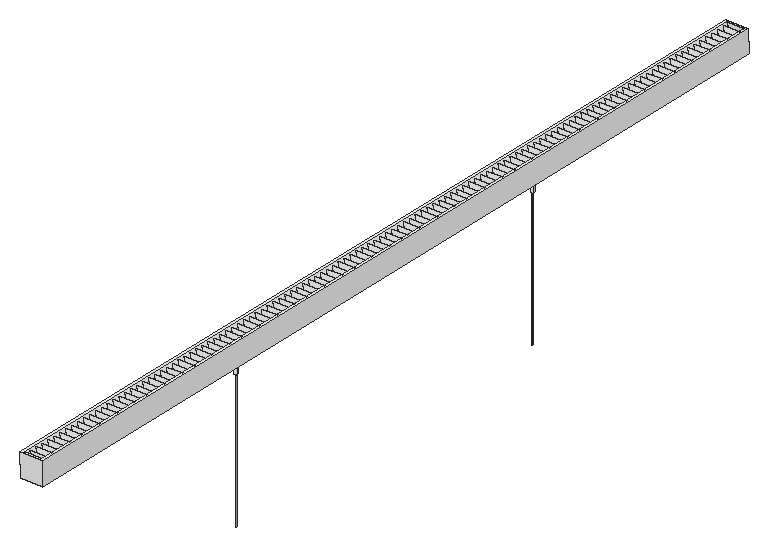
Revit family "Lighting_Pendants_Fagerhult_Notor-65-Beta-Opti_Face", category Lighting Fixtures, host Face, Revit 2024
Family settings
  Host = Face
  Round Connector Dimension = Use Diameter
  Part Type = Normal
  OmniClass Number = 23.80.70.11
  OmniClass Title = Luminaries for Internal Lighting
  Cut with Voids When Loaded = No
  Light Source = Yes
  Maintain Annotation Orientation = No
  Shared = No
  Room Calculation Point = No
Parameters (values of type "NOTOR65 BETAOPTI SURF PEND 2400 DI HL 840 WHT CONT_13363-402")
  Youtube clip = "https://vimeo.com/200646173"
  Width = 65.000 mm
  Weight Net (Kg) = "0"
  Weight (Kg) = 6
  Wattage = 9.2903 W
  built-in parameter 1150110 = 1 (stored number, unit not read)
  Voltage = 230 V
  Uniformat II Description = "Lighting & Branch Wiring"
  Uniformat II Code = "D5020"
  Uniclass 2015 Name = "Light-emitting diode (LED) lamps"
  Uniclass 2015 Code = "Pr_70_70_46_44"
  Uniclass 2.0 Description = "Luminaires And Lamps"
  Uniclass 2.0 Code = "PR-49"
  Uniclass 1.4 Description = "Luminaires and lamps"
  Uniclass 1.4 Code = "JY73"
  URL = "www.fagerhult.com"
  UNSPSC Code = "3911"
  built-in parameter 1114217 = 1 (stored number, unit not read)
  Tilt Angle = -90.00°
  built-in parameter 1150109 = 1 (stored number, unit not read)
  built-in parameter 1150134 = 4000
  Technical description = "https://www.fagerhult.com/Products/notor/notor-65-beta-opti/"
  Sus Position [instance] = 100.000 mm
  Region South America = "AR"
  Region Oceania = "AS, AU, NZ"
  Region North America = "BB, GL, GT, US"
  Region Middle East = "AE, AF, BH, EG, IL, KW, LB, OM, QA, SA, TR"
  Region Europe = "AT, AX, BA, BE, BG, CH, CZ, DE, DK, EE, ES, FI, FO, FR, GB, GR, HR, HU, IE, IS, IT, LT, LU, LV, MT, NL, NO, PL, PT, RO, RU, SE, SI, SK, UA"
  Region Asia = "AM, CN, IN, JP, KR, LA, MO, MY, SG, TW"
  Region Antarctica = "None"
  Region Africa = "BF, ER, ET, NG, ZA"
  QR code = "http://bimobject.com/fagerhult/product/Notor-65-Beta-Opti"
  Product url = "https://www.fagerhult.com/Products/notor/notor-65-beta-opti/"
  Product group = "Pendant"
  Product family = "Indoor"
  Product data url = "https://bimobject.com/fagerhult/product/Notor-65-Beta-Opti"
  Product certification = ""
  Product SKU = "Notor-65-Beta-Opti"
  Product Guid = "13e7c37b-4238-40f4-9f30-5d6fe9a7ee4a"
  Photometric File Note = "The .IES files provided are sample files based on a few standard configurations.  Not all photometric configurations are available.   The actual data and values will vary depending on lens, color temperature and other options.  Please visit www.fagerhult.com for more defined photometric data."  # constant formula
  Pend. Height [instance] = if(Pendant Height < 65.000 mm, 65.000 mm, Pendant Height)  # 500.000 mm
  built-in parameter 1150113 = 1 (stored number, unit not read)
  Photometric Web File = "GENERIC - Please download and link the .IES file that best matches your fixture specification"
  Pendant Height [instance] = 500.000 mm
  OmniClass Description = "Lighting Fixtures"
  OmniClass Code = "23-35 47 11"
  Nr of Lamells = 59
  built-in parameter 1150142 = (empty or 0)
  Nominal width = 0.000 mm
  Nominal height = 0.000 mm
  NBS Reference Description = "Luminaires And Lamps"
  NBS Reference Code = "49"
  Model = "Notor 65 Beta Opti"
  Material secondary = "Acrylic"
  Material main = "Aluminium"
  Masterformat 2014 Description = "Interior Lighting Fixtures, Lamps, And Ballasts"
  Masterformat 2014 Code = "26 51 13"
  Manufacturer name = "Fagerhult"
  Manufacturer country = "Sweden"
  Manufacturer = "Fagerhult"
  built-in parameter 1150105 = 109.82 (stored number, unit not read)
  Lumens = 12096 lm
  built-in parameter 1150115 = 1 (stored number, unit not read)
  Louvre = Aluminium - Fagerhult - BetaOpti - Satin matt
  Load Classification = Lighting
  built-in parameter 1150137 = (empty or 0)
  built-in parameter 1150139 = (empty or 0)
  Length = 2522.000 mm
  built-in parameter 1150112 = 1 (stored number, unit not read)
  built-in parameter 1150114 = 1 (stored number, unit not read)
  Lamp = ""
  Lamells = if(Length > 2000.000 mm, 118, Nr of Lamells)  # 118
  Installation instructions = "https://www.fagerhult.com/globalassets/inriverresources/instructionforuse/notor65_instruction_for_use.pdf"
  built-in parameter 1150132 = (empty or 0)
  built-in parameter 1150102 = (empty or 0)
  built-in parameter 1150107 = 4000 (stored number, unit not read)
  built-in parameter 1150138 = (empty or 0)
  built-in parameter 1150106 = 1.0982 (stored number, unit not read)
  IP Code = "20"
  IFC Classification = "Light Fixture"
  Height = 65.000 mm
  Emit from Line Length = 609.600 mm
  built-in parameter 1150104 = 12.263 (stored number, unit not read)
  Edition number = 1
  EAN_Code = "7320046635763"
  EAN code = ""
  Dimming Lamp Color Temperature Shift = <None>
  Design country = "Sweden"
  Description = "Suspended or ceiling-mounted workplace luminaire with direct or direct/indirect light. Beta Opti louvres provide high efficiency and optimal lighting comfort. Single or continuous installation."
  Default Elevation = 1219.200 mm
  Date of publishing = ""
  Color Rendering Index = "min. 80"
  Color Filter = 16777215
  Color = "White"
  COBIe Type Category = ""
  Brand url = "http://www.fagerhult.com"
  Body = Aluminium - Fagerhult - White
  built-in parameter 1114218 = 1 (stored number, unit not read)
  BIMobject main category code = "lighting"
  BIMobject main category = "Lighting"
  BIMobject category code = "lighting-pendants"
  BIMobject category = "Pendants"
  built-in parameter 1150133 = 10 (stored number, unit not read)
  Assembly Code = "D5020230"
  Article Number = "13363-402"
  Apparent Load = 91 VA
Types (96, lengths in mm): name | Weight (Kg) | built-in parameter 1150134 | Lumens | Length | Lamells | built-in parameter 1150107 | built-in parameter 1150104 | EAN_Code | Color | Body | Article Number | Apparent Load
  NOTOR65 BETAOPTI SURF PEND 2400 DI HL 840 WHT CONT_13363-402 | 6 | 4000 | 12096 lm | 2522.000 | 118 | 4000 (stored number, unit not read) | 12.263 (stored number, unit not read) | "7320046635763" | "White" | Aluminium - Fagerhult - White | "13363-402" | 91 VA
  NOTOR65 BETAOPTI SURF PEND 2400 DI LL 840 WHT CONT_13362-402 | 6 | 4000 | 9600 lm | 2522.000 | 118 | 4000 (stored number, unit not read) | 12.077 (stored number, unit not read) | "7320046635725" | "White" | Aluminium - Fagerhult - White | "13362-402" | 74 VA
  NOTOR65 BETAOPTI SURF PEND 2400 DI HL 830 WHT CONT_13361-402 | 6 | 3000 | 11492 lm | 2522.000 | 118 | 3000 (stored number, unit not read) | 11.706 (stored number, unit not read) | "7320046635688" | "White" | Aluminium - Fagerhult - White | "13361-402" | 91 VA
  NOTOR65 BETAOPTI SURF PEND 2400 DI LL 830 WHT CONT_13360-402 | 6 | 3000 | 9120 lm | 2522.000 | 118 | 3000 (stored number, unit not read) | 11.706 (stored number, unit not read) | "7320046635640" | "White" | Aluminium - Fagerhult - White | "13360-402" | 74 VA
  NOTOR65 BETAOPTI SURF PEND 2400 DI HL 840 ALU CONT_13359-402 | 6 | 4000 | 12096 lm | 2522.000 | 118 | 4000 (stored number, unit not read) | 12.263 (stored number, unit not read) | "7320046635602" | "Anodised" | Aluminium - Fagerhult - Anodised | "13359-402" | 91 VA
  NOTOR65 BETAOPTI SURF PEND 2400 DI LL 840 ALU CONT_13358-402 | 6 | 4000 | 9600 lm | 2522.000 | 118 | 4000 (stored number, unit not read) | 12.077 (stored number, unit not read) | "7320046635565" | "Anodised" | Aluminium - Fagerhult - Anodised | "13358-402" | 74 VA
  NOTOR65 BETAOPTI SURF PEND 2400 DI HL 830 ALU CONT_13357-402 | 6 | 3000 | 11492 lm | 2522.000 | 118 | 3000 (stored number, unit not read) | 11.706 (stored number, unit not read) | "7320046635527" | "Anodised" | Aluminium - Fagerhult - Anodised | "13357-402" | 91 VA
  NOTOR65 BETAOPTI SURF PEND 2400 DI LL 830 ALU CONT_13356-402 | 6 | 3000 | 9120 lm | 2522.000 | 118 | 3000 (stored number, unit not read) | 11.706 (stored number, unit not read) | "7320046635480" | "Anodised" | Aluminium - Fagerhult - Anodised | "13356-402" | 74 VA
  NOTOR65 BETAOPTI SURF PEND 2400 D HL 840 WHT CONT_13355-402 | 6 | 4000 | 7018 lm | 2522.000 | 118 | 4000 (stored number, unit not read) | 12.077 (stored number, unit not read) | "7320046635442" | "White" | Aluminium - Fagerhult - White | "13355-402" | 54 VA
  NOTOR65 BETAOPTI SURF PEND 2400 D LL 840 WHT CONT_13354-402 | 6 | 4000 | 4400 lm | 2522.000 | 118 | 4000 (stored number, unit not read) | 11.984 (stored number, unit not read) | "7320046635404" | "White" | Aluminium - Fagerhult - White | "13354-402" | 34 VA
  NOTOR65 BETAOPTI SURF PEND 2400 D HL 830 WHT CONT_13353-402 | 6 | 3000 | 6667 lm | 2522.000 | 118 | 3000 (stored number, unit not read) | 11.427 (stored number, unit not read) | "7320046635367" | "White" | Aluminium - Fagerhult - White | "13353-402" | 54 VA
  NOTOR65 BETAOPTI SURF PEND 2400 D LL 830 WHT CONT_13352-402 | 6 | 3000 | 4180 lm | 2522.000 | 118 | 3000 (stored number, unit not read) | 11.427 (stored number, unit not read) | "7320046635329" | "White" | Aluminium - Fagerhult - White | "13352-402" | 34 VA
  NOTOR65 BETAOPTI SURF PEND 2400 D HL 840 ALU CONT_13351-402 | 6 | 4000 | 7018 lm | 2522.000 | 118 | 4000 (stored number, unit not read) | 12.077 (stored number, unit not read) | "7320046635282" | "Anodised" | Aluminium - Fagerhult - Anodised | "13351-402" | 54 VA
  NOTOR65 BETAOPTI SURF PEND 2400 D LL 840 ALU CONT_13350-402 | 6 | 4000 | 4400 lm | 2522.000 | 118 | 4000 (stored number, unit not read) | 11.984 (stored number, unit not read) | "7320046633516" | "Anodised" | Aluminium - Fagerhult - Anodised | "13350-402" | 34 VA
  NOTOR65 BETAOPTI SURF PEND 2400 D HL 830 ALU CONT_13349-402 | 6 | 3000 | 6667 lm | 2522.000 | 118 | 3000 (stored number, unit not read) | 11.427 (stored number, unit not read) | "7320046633479" | "Anodised" | Aluminium - Fagerhult - Anodised | "13349-402" | 54 VA
  NOTOR65 BETAOPTI SURF PEND 2400 D LL 830 ALU CONT_13348-402 | 6 | 3000 | 4180 lm | 2522.000 | 118 | 3000 (stored number, unit not read) | 11.427 (stored number, unit not read) | "7320046633431" | "Anodised" | Aluminium - Fagerhult - Anodised | "13348-402" | 34 VA
  NOTOR65 BETAOPTI SURF PEND 1200 DI HL 840 WHT CONT_13347-402 | 3 | 4000 | 6084 lm | 1261.000 | 59 | 4000 (stored number, unit not read) | 12.263 (stored number, unit not read) | "7320046633394" | "White" | Aluminium - Fagerhult - White | "13347-402" | 46 VA
  NOTOR65 BETAOPTI SURF PEND 1200 DI LL 840 WHT CONT_13346-402 | 3 | 4000 | 4800 lm | 1261.000 | 59 | 4000 (stored number, unit not read) | 12.077 (stored number, unit not read) | "7320046633356" | "White" | Aluminium - Fagerhult - White | "13346-402" | 37 VA
  NOTOR65 BETAOPTI SURF PEND 1200 DI HL 830 WHT CONT_13345-402 | 3 | 3000 | 5746 lm | 1261.000 | 59 | 3000 (stored number, unit not read) | 11.613 (stored number, unit not read) | "7320046633318" | "White" | Aluminium - Fagerhult - White | "13345-402" | 46 VA
  NOTOR65 BETAOPTI SURF PEND 1200 DI LL 830 WHT CONT_13344-402 | 3 | 3000 | 4560 lm | 1261.000 | 59 | 3000 (stored number, unit not read) | 11.52 (stored number, unit not read) | "7320046633271" | "White" | Aluminium - Fagerhult - White | "13344-402" | 37 VA
  NOTOR65 BETAOPTI SURF PEND 1200 DI HL 840 ALU CONT_13343-402 | 3 | 4000 | 6084 lm | 1261.000 | 59 | 4000 (stored number, unit not read) | 12.263 (stored number, unit not read) | "7320046633233" | "Anodised" | Aluminium - Fagerhult - Anodised | "13343-402" | 46 VA
  NOTOR65 BETAOPTI SURF PEND 1200 DI LL 840 ALU CONT_13342-402 | 3 | 4000 | 4800 lm | 1261.000 | 59 | 4000 (stored number, unit not read) | 12.077 (stored number, unit not read) | "7320046633196" | "Anodised" | Aluminium - Fagerhult - Anodised | "13342-402" | 37 VA
  NOTOR65 BETAOPTI SURF PEND 1200 DI HL 830 ALU CONT_13341-402 | 3 | 3000 | 5746 lm | 1261.000 | 59 | 3000 (stored number, unit not read) | 11.613 (stored number, unit not read) | "7320046633158" | "Anodised" | Aluminium - Fagerhult - Anodised | "13341-402" | 46 VA
  NOTOR65 BETAOPTI SURF PEND 1200 DI LL 830 ALU CONT_13340-402 | 3 | 3000 | 4560 lm | 1261.000 | 59 | 3000 (stored number, unit not read) | 11.52 (stored number, unit not read) | "7320046633110" | "Anodised" | Aluminium - Fagerhult - Anodised | "13340-402" | 37 VA
  NOTOR65 BETAOPTI SURF PEND 1200 D HL 840 WHT CONT_13339-402 | 3 | 4000 | 3509 lm | 1261.000 | 59 | 4000 (stored number, unit not read) | 11.241 (stored number, unit not read) | "7320046633073" | "White" | Aluminium - Fagerhult - White | "13339-402" | 29 VA
  NOTOR65 BETAOPTI SURF PEND 1200 D LL 840 WHT CONT_13338-402 | 3 | 4000 | 2200 lm | 1261.000 | 59 | 4000 (stored number, unit not read) | 10.684 (stored number, unit not read) | "7320046633035" | "White" | Aluminium - Fagerhult - White | "13338-402" | 19 VA
  NOTOR65 BETAOPTI SURF PEND 1200 D HL 830 WHT CONT_13337-402 | 3 | 3000 | 3334 lm | 1261.000 | 59 | 3000 (stored number, unit not read) | 10.684 (stored number, unit not read) | "7320046632991" | "White" | Aluminium - Fagerhult - White | "13337-402" | 29 VA
  NOTOR65 BETAOPTI SURF PEND 1200 D LL 830 WHT CONT_13336-402 | 3 | 3000 | 2090 lm | 1261.000 | 59 | 3000 (stored number, unit not read) | 10.126 (stored number, unit not read) | "7320046632953" | "White" | Aluminium - Fagerhult - White | "13336-402" | 19 VA
  NOTOR65 BETAOPTI SURF PEND 1200 D HL 840 ALU CONT_13335-402 | 3 | 4000 | 3509 lm | 1261.000 | 59 | 4000 (stored number, unit not read) | 11.241 (stored number, unit not read) | "7320046632915" | "Anodised" | Aluminium - Fagerhult - Anodised | "13335-402" | 29 VA
  NOTOR65 BETAOPTI SURF PEND 1200 D LL 840 ALU CONT_13334-402 | 3 | 4000 | 2200 lm | 1261.000 | 59 | 4000 (stored number, unit not read) | 10.684 (stored number, unit not read) | "7320046632878" | "Anodised" | Aluminium - Fagerhult - Anodised | "13334-402" | 19 VA
  NOTOR65 BETAOPTI SURF PEND 1200 D HL 830 ALU CONT_13333-402 | 3 | 3000 | 3334 lm | 1261.000 | 59 | 3000 (stored number, unit not read) | 10.684 (stored number, unit not read) | "7320046632830" | "Anodised" | Aluminium - Fagerhult - Anodised | "13333-402" | 29 VA
  NOTOR65 BETAOPTI SURF PEND 1200 D LL 830 ALU CONT_13332-402 | 3 | 3000 | 2090 lm | 1261.000 | 59 | 3000 (stored number, unit not read) | 10.126 (stored number, unit not read) | "7320046632793" | "Anodised" | Aluminium - Fagerhult - Anodised | "13332-402" | 19 VA
  NOTOR65 BETAOPTI SURF PEND 2400 DI HL 840 WHT START/SINGLE_13331-402 | 6 | 4000 | 12096 lm | 2527.000 | 118 | 4000 (stored number, unit not read) | 12.263 (stored number, unit not read) | "7320046632755" | "White" | Aluminium - Fagerhult - White | "13331-402" | 91 VA
  NOTOR65 BETAOPTI SURF PEND 2400 DI LL 840 WHT START/SINGLE_13330-402 | 6 | 4000 | 9600 lm | 2527.000 | 118 | 4000 (stored number, unit not read) | 12.077 (stored number, unit not read) | "7320046632717" | "White" | Aluminium - Fagerhult - White | "13330-402" | 74 VA
  NOTOR65 BETAOPTI SURF PEND 2400 DI HL 830 WHT START/SINGLE_13329-402 | 6 | 3000 | 11492 lm | 2527.000 | 118 | 3000 (stored number, unit not read) | 11.706 (stored number, unit not read) | "7320046632670" | "White" | Aluminium - Fagerhult - White | "13329-402" | 91 VA
  NOTOR65 BETAOPTI SURF PEND 2400 DI LL 830 WHT START/SINGLE_13328-402 | 6 | 3000 | 9120 lm | 2527.000 | 118 | 3000 (stored number, unit not read) | 11.706 (stored number, unit not read) | "7320046632632" | "White" | Aluminium - Fagerhult - White | "13328-402" | 74 VA
  NOTOR65 BETAOPTI SURF PEND 2400 DI HL 840 ALU START/SINGLE_13327-402 | 6 | 4000 | 12096 lm | 2527.000 | 118 | 4000 (stored number, unit not read) | 12.263 (stored number, unit not read) | "7320046632595" | "Anodised" | Aluminium - Fagerhult - Anodised | "13327-402" | 91 VA
  NOTOR65 BETAOPTI SURF PEND 2400 DI LL 840 ALU START/SINGLE_13326-402 | 6 | 4000 | 9600 lm | 2527.000 | 118 | 4000 (stored number, unit not read) | 12.077 (stored number, unit not read) | "7320046632557" | "Anodised" | Aluminium - Fagerhult - Anodised | "13326-402" | 74 VA
  NOTOR65 BETAOPTI SURF PEND 2400 DI HL 830 ALU START/SINGLE_13325-402 | 6 | 3000 | 11492 lm | 2527.000 | 118 | 3000 (stored number, unit not read) | 11.706 (stored number, unit not read) | "7320046632519" | "Anodised" | Aluminium - Fagerhult - Anodised | "13325-402" | 91 VA
  NOTOR65 BETAOPTI SURF PEND 2400 DI LL 830 ALU START/SINGLE_13324-402 | 6 | 3000 | 9120 lm | 2527.000 | 118 | 3000 (stored number, unit not read) | 11.706 (stored number, unit not read) | "7320046632472" | "Anodised" | Aluminium - Fagerhult - Anodised | "13324-402" | 74 VA
  NOTOR65 BETAOPTI SURF PEND 2400 D HL 840 WHT START/SINGLE_13323-402 | 6 | 4000 | 7018 lm | 2527.000 | 118 | 4000 (stored number, unit not read) | 12.077 (stored number, unit not read) | "7320046632434" | "White" | Aluminium - Fagerhult - White | "13323-402" | 54 VA
  NOTOR65 BETAOPTI SURF PEND 2400 D LL 840 WHT START/SINGLE_13322-402 | 6 | 4000 | 4400 lm | 2527.000 | 118 | 4000 (stored number, unit not read) | 11.984 (stored number, unit not read) | "7320046632397" | "White" | Aluminium - Fagerhult - White | "13322-402" | 34 VA
  NOTOR65 BETAOPTI SURF PEND 2400 D HL 830 WHT START/SINGLE_13321-402 | 6 | 3000 | 6667 lm | 2527.000 | 118 | 3000 (stored number, unit not read) | 11.427 (stored number, unit not read) | "7320046632359" | "White" | Aluminium - Fagerhult - White | "13321-402" | 54 VA
  NOTOR65 BETAOPTI SURF PEND 2400 D LL 830 WHT START/SINGLE_13320-402 | 6 | 3000 | 4180 lm | 2527.000 | 118 | 3000 (stored number, unit not read) | 11.427 (stored number, unit not read) | "7320046632311" | "White" | Aluminium - Fagerhult - White | "13320-402" | 34 VA
  NOTOR65 BETAOPTI SURF PEND 2400 D HL 840 ALU START/SINGLE_13319-402 | 6 | 4000 | 7018 lm | 2527.000 | 118 | 4000 (stored number, unit not read) | 12.077 (stored number, unit not read) | "7320046632274" | "Anodised" | Aluminium - Fagerhult - Anodised | "13319-402" | 54 VA
  NOTOR65 BETAOPTI SURF PEND 2400 D LL 840 ALU START/SINGLE_13318-402 | 6 | 4000 | 4400 lm | 2527.000 | 118 | 4000 (stored number, unit not read) | 11.984 (stored number, unit not read) | "7320046632236" | "Anodised" | Aluminium - Fagerhult - Anodised | "13318-402" | 34 VA
  NOTOR65 BETAOPTI SURF PEND 2400 D HL 830 ALU START/SINGLE_13317-402 | 6 | 3000 | 6667 lm | 2527.000 | 118 | 3000 (stored number, unit not read) | 11.427 (stored number, unit not read) | "7320046632199" | "Anodised" | Aluminium - Fagerhult - Anodised | "13317-402" | 54 VA
  NOTOR65 BETAOPTI SURF PEND 2400 D LL 830 ALU START/SINGLE_13316-402 | 6 | 3000 | 4180 lm | 2527.000 | 118 | 3000 (stored number, unit not read) | 11.427 (stored number, unit not read) | "7320046632151" | "Anodised" | Aluminium - Fagerhult - Anodised | "13316-402" | 34 VA
  NOTOR65 BETAOPTI SURF PEND 1200 DI HL 840 WHT START/SINGLE_13315-449 | 3 | 4000 | 6084 lm | 1328.000 | 59 | 4000 (stored number, unit not read) | 12.263 (stored number, unit not read) | "7320046632090" | "White" | Aluminium - Fagerhult - White | "13315-449" | 46 VA
  NOTOR65 BETAOPTI SURF PEND 1200 DI HL 840 WHT START/SINGLE_13315-442 | 3 | 4000 | 6084 lm | 1328.000 | 59 | 4000 (stored number, unit not read) | 12.263 (stored number, unit not read) | "7320046632113" | "White" | Aluminium - Fagerhult - White | "13315-442" | 46 VA
  NOTOR65 BETAOPTI SURF PEND 1200 DI HL 840 WHT START/SINGLE_13315-402 | 3 | 4000 | 6084 lm | 1267.000 | 59 | 4000 (stored number, unit not read) | 12.263 (stored number, unit not read) | "7320046632076" | "White" | Aluminium - Fagerhult - White | "13315-402" | 46 VA
  NOTOR65 BETAOPTI SURF PEND 1200 DI LL 840 WHT START/SINGLE_13314-449 | 3 | 4000 | 4800 lm | 1328.000 | 59 | 4000 (stored number, unit not read) | 12.077 (stored number, unit not read) | "7320046632014" | "White" | Aluminium - Fagerhult - White | "13314-449" | 37 VA
  NOTOR65 BETAOPTI SURF PEND 1200 DI LL 840 WHT START/SINGLE_13314-442 | 3 | 4000 | 4800 lm | 1328.000 | 59 | 4000 (stored number, unit not read) | 12.077 (stored number, unit not read) | "7320046632038" | "White" | Aluminium - Fagerhult - White | "13314-442" | 37 VA
  NOTOR65 BETAOPTI SURF PEND 1200 DI LL 840 WHT START/SINGLE_13314-402 | 3 | 4000 | 4800 lm | 1267.000 | 59 | 4000 (stored number, unit not read) | 12.077 (stored number, unit not read) | "7320046631994" | "White" | Aluminium - Fagerhult - White | "13314-402" | 37 VA
  NOTOR65 BETAOPTI SURF PEND 1200 DI HL 830 WHT START/SINGLE_13313-449 | 3 | 3000 | 5746 lm | 1328.000 | 59 | 3000 (stored number, unit not read) | 11.613 (stored number, unit not read) | "7320046631932" | "White" | Aluminium - Fagerhult - White | "13313-449" | 46 VA
  NOTOR65 BETAOPTI SURF PEND 1200 DI HL 830 WHT START/SINGLE_13313-442 | 3 | 3000 | 5746 lm | 1328.000 | 59 | 3000 (stored number, unit not read) | 11.613 (stored number, unit not read) | "7320046631956" | "White" | Aluminium - Fagerhult - White | "13313-442" | 46 VA
  NOTOR65 BETAOPTI SURF PEND 1200 DI HL 830 WHT START/SINGLE_13313-402 | 3 | 3000 | 5746 lm | 1267.000 | 59 | 3000 (stored number, unit not read) | 11.613 (stored number, unit not read) | "7320046631918" | "White" | Aluminium - Fagerhult - White | "13313-402" | 46 VA
  NOTOR65 BETAOPTI SURF PEND 1200 DI LL 830 WHT START/SINGLE_13312-449 | 3 | 3000 | 4560 lm | 1328.000 | 59 | 3000 (stored number, unit not read) | 11.52 (stored number, unit not read) | "7320046631857" | "White" | Aluminium - Fagerhult - White | "13312-449" | 37 VA
  NOTOR65 BETAOPTI SURF PEND 1200 DI LL 830 WHT START/SINGLE_13312-442 | 3 | 3000 | 4560 lm | 1328.000 | 59 | 3000 (stored number, unit not read) | 11.52 (stored number, unit not read) | "7320046631871" | "White" | Aluminium - Fagerhult - White | "13312-442" | 37 VA
  NOTOR65 BETAOPTI SURF PEND 1200 DI LL 830 WHT START/SINGLE_13312-402 | 3 | 3000 | 4560 lm | 1267.000 | 59 | 3000 (stored number, unit not read) | 11.52 (stored number, unit not read) | "7320046631833" | "White" | Aluminium - Fagerhult - White | "13312-402" | 37 VA
  NOTOR65 BETAOPTI SURF PEND 1200 DI HL 840 ALU START/SINGLE_13311-449 | 3 | 4000 | 6084 lm | 1328.000 | 59 | 4000 (stored number, unit not read) | 12.263 (stored number, unit not read) | "7320046631772" | "Anodised" | Aluminium - Fagerhult - Anodised | "13311-449" | 46 VA
  NOTOR65 BETAOPTI SURF PEND 1200 DI HL 840 ALU START/SINGLE_13311-442 | 3 | 4000 | 6084 lm | 1328.000 | 59 | 4000 (stored number, unit not read) | 12.263 (stored number, unit not read) | "7320046631796" | "Anodised" | Aluminium - Fagerhult - Anodised | "13311-442" | 46 VA
  NOTOR65 BETAOPTI SURF PEND 1200 DI HL 840 ALU START/SINGLE_13311-402 | 3 | 4000 | 6084 lm | 1267.000 | 59 | 4000 (stored number, unit not read) | 12.263 (stored number, unit not read) | "7320046631758" | "Anodised" | Aluminium - Fagerhult - Anodised | "13311-402" | 46 VA
  NOTOR65 BETAOPTI SURF PEND 1200 DI LL 840 ALU START/SINGLE_13310-449 | 3 | 4000 | 4800 lm | 1328.000 | 59 | 4000 (stored number, unit not read) | 12.077 (stored number, unit not read) | "7320046631697" | "Anodised" | Aluminium - Fagerhult - Anodised | "13310-449" | 37 VA
  NOTOR65 BETAOPTI SURF PEND 1200 DI LL 840 ALU START/SINGLE_13310-442 | 3 | 4000 | 4800 lm | 1328.000 | 59 | 4000 (stored number, unit not read) | 12.077 (stored number, unit not read) | "7320046631710" | "Anodised" | Aluminium - Fagerhult - Anodised | "13310-442" | 37 VA
  NOTOR65 BETAOPTI SURF PEND 1200 DI LL 840 ALU START/SINGLE_13310-402 | 3 | 4000 | 4800 lm | 1267.000 | 59 | 4000 (stored number, unit not read) | 12.077 (stored number, unit not read) | "7320046631673" | "Anodised" | Aluminium - Fagerhult - Anodised | "13310-402" | 37 VA
  NOTOR65 BETAOPTI SURF PEND 1200 DI HL 830 ALU START/SINGLE_13309-449 | 3 | 3000 | 5746 lm | 1328.000 | 59 | 3000 (stored number, unit not read) | 11.613 (stored number, unit not read) | "7320046631611" | "Anodised" | Aluminium - Fagerhult - Anodised | "13309-449" | 46 VA
  NOTOR65 BETAOPTI SURF PEND 1200 DI HL 830 ALU START/SINGLE_13309-442 | 3 | 3000 | 5746 lm | 1328.000 | 59 | 3000 (stored number, unit not read) | 11.613 (stored number, unit not read) | "7320046631635" | "Anodised" | Aluminium - Fagerhult - Anodised | "13309-442" | 46 VA
  NOTOR65 BETAOPTI SURF PEND 1200 DI HL 830 ALU START/SINGLE_13309-402 | 3 | 3000 | 5746 lm | 1267.000 | 59 | 3000 (stored number, unit not read) | 11.613 (stored number, unit not read) | "7320046631598" | "Anodised" | Aluminium - Fagerhult - Anodised | "13309-402" | 46 VA
  NOTOR65 BETAOPTI SURF PEND 1200 DI LL 830 ALU START/SINGLE_13308-449 | 3 | 3000 | 4560 lm | 1328.000 | 59 | 3000 (stored number, unit not read) | 11.52 (stored number, unit not read) | "7320046631536" | "Anodised" | Aluminium - Fagerhult - Anodised | "13308-449" | 37 VA
  NOTOR65 BETAOPTI SURF PEND 1200 DI LL 830 ALU START/SINGLE_13308-442 | 3 | 3000 | 4560 lm | 1328.000 | 59 | 3000 (stored number, unit not read) | 11.52 (stored number, unit not read) | "7320046631550" | "Anodised" | Aluminium - Fagerhult - Anodised | "13308-442" | 37 VA
  NOTOR65 BETAOPTI SURF PEND 1200 DI LL 830 ALU START/SINGLE_13308-402 | 3 | 3000 | 4560 lm | 1267.000 | 59 | 3000 (stored number, unit not read) | 11.52 (stored number, unit not read) | "7320046631512" | "Anodised" | Aluminium - Fagerhult - Anodised | "13308-402" | 37 VA
  NOTOR65 BETAOPTI SURF PEND 1200 D HL 840 WHT START/SINGLE_13307-449 | 3 | 4000 | 3509 lm | 1328.000 | 59 | 4000 (stored number, unit not read) | 11.241 (stored number, unit not read) | "7320046631451" | "White" | Aluminium - Fagerhult - White | "13307-449" | 29 VA
  NOTOR65 BETAOPTI SURF PEND 1200 D HL 840 WHT START/SINGLE_13307-442 | 3 | 4000 | 3509 lm | 1328.000 | 59 | 4000 (stored number, unit not read) | 11.241 (stored number, unit not read) | "7320046631475" | "White" | Aluminium - Fagerhult - White | "13307-442" | 29 VA
  NOTOR65 BETAOPTI SURF PEND 1200 D HL 840 WHT START/SINGLE_13307-402 | 3 | 4000 | 3509 lm | 1267.000 | 59 | 4000 (stored number, unit not read) | 11.241 (stored number, unit not read) | "7320046631437" | "White" | Aluminium - Fagerhult - White | "13307-402" | 29 VA
  NOTOR65 BETAOPTI SURF PEND 1200 D LL 840 WHT START/SINGLE_13306-449 | 3 | 4000 | 2200 lm | 1328.000 | 59 | 4000 (stored number, unit not read) | 10.684 (stored number, unit not read) | "7320046631376" | "White" | Aluminium - Fagerhult - White | "13306-449" | 19 VA
  NOTOR65 BETAOPTI SURF PEND 1200 D LL 840 WHT START/SINGLE_13306-442 | 3 | 4000 | 2200 lm | 1328.000 | 59 | 4000 (stored number, unit not read) | 10.684 (stored number, unit not read) | "7320046631390" | "White" | Aluminium - Fagerhult - White | "13306-442" | 19 VA
  NOTOR65 BETAOPTI SURF PEND 1200 D LL 840 WHT START/SINGLE_13306-402 | 3 | 4000 | 2200 lm | 1267.000 | 59 | 4000 (stored number, unit not read) | 10.684 (stored number, unit not read) | "7320046631352" | "White" | Aluminium - Fagerhult - White | "13306-402" | 19 VA
  NOTOR65 BETAOPTI SURF PEND 1200 D HL 830 WHT START/SINGLE_13305-449 | 3 | 3000 | 3334 lm | 1328.000 | 59 | 3000 (stored number, unit not read) | 10.684 (stored number, unit not read) | "7320046631291" | "White" | Aluminium - Fagerhult - White | "13305-449" | 29 VA
  NOTOR65 BETAOPTI SURF PEND 1200 D HL 830 WHT START/SINGLE_13305-442 | 3 | 3000 | 3334 lm | 1328.000 | 59 | 3000 (stored number, unit not read) | 10.684 (stored number, unit not read) | "7320046631314" | "White" | Aluminium - Fagerhult - White | "13305-442" | 29 VA
  NOTOR65 BETAOPTI SURF PEND 1200 D HL 830 WHT START/SINGLE_13305-402 | 3 | 3000 | 3334 lm | 1267.000 | 59 | 3000 (stored number, unit not read) | 10.684 (stored number, unit not read) | "7320046631277" | "White" | Aluminium - Fagerhult - White | "13305-402" | 29 VA
  NOTOR65 BETAOPTI SURF PEND 1200 D LL 830 WHT START/SINGLE_13304-449 | 3 | 3000 | 2090 lm | 1328.000 | 59 | 3000 (stored number, unit not read) | 10.126 (stored number, unit not read) | "7320046631215" | "White" | Aluminium - Fagerhult - White | "13304-449" | 19 VA
  NOTOR65 BETAOPTI SURF PEND 1200 D LL 830 WHT START/SINGLE_13304-442 | 3 | 3000 | 2090 lm | 1328.000 | 59 | 3000 (stored number, unit not read) | 10.126 (stored number, unit not read) | "7320046631239" | "White" | Aluminium - Fagerhult - White | "13304-442" | 19 VA
  NOTOR65 BETAOPTI SURF PEND 1200 D LL 830 WHT START/SINGLE_13304-402 | 3 | 3000 | 2090 lm | 1267.000 | 59 | 3000 (stored number, unit not read) | 10.126 (stored number, unit not read) | "7320046631192" | "White" | Aluminium - Fagerhult - White | "13304-402" | 19 VA
  NOTOR65 BETAOPTI SURF PEND 1200 D HL 840 ALU START/SINGLE_13303-449 | 3 | 4000 | 3509 lm | 1328.000 | 59 | 4000 (stored number, unit not read) | 11.241 (stored number, unit not read) | "7320046631130" | "Anodised" | Aluminium - Fagerhult - Anodised | "13303-449" | 29 VA
  NOTOR65 BETAOPTI SURF PEND 1200 D HL 840 ALU START/SINGLE_13303-442 | 3 | 4000 | 3509 lm | 1328.000 | 59 | 4000 (stored number, unit not read) | 11.241 (stored number, unit not read) | "7320046631154" | "Anodised" | Aluminium - Fagerhult - Anodised | "13303-442" | 29 VA
  NOTOR65 BETAOPTI SURF PEND 1200 D HL 840 ALU START/SINGLE_13303-402 | 3 | 4000 | 3509 lm | 1267.000 | 59 | 4000 (stored number, unit not read) | 11.241 (stored number, unit not read) | "7320046631116" | "Anodised" | Aluminium - Fagerhult - Anodised | "13303-402" | 29 VA
  NOTOR65 BETAOPTI SURF PEND 1200 D LL 840 ALU START/SINGLE_13302-449 | 3 | 4000 | 2200 lm | 1328.000 | 59 | 4000 (stored number, unit not read) | 10.684 (stored number, unit not read) | "7320046631055" | "Anodised" | Aluminium - Fagerhult - Anodised | "13302-449" | 19 VA
  NOTOR65 BETAOPTI SURF PEND 1200 D LL 840 ALU START/SINGLE_13302-442 | 3 | 4000 | 2200 lm | 1328.000 | 59 | 4000 (stored number, unit not read) | 10.684 (stored number, unit not read) | "7320046631079" | "Anodised" | Aluminium - Fagerhult - Anodised | "13302-442" | 19 VA
  NOTOR65 BETAOPTI SURF PEND 1200 D LL 840 ALU START/SINGLE_13302-402 | 3 | 4000 | 2200 lm | 1267.000 | 59 | 4000 (stored number, unit not read) | 10.684 (stored number, unit not read) | "7320046631031" | "Anodised" | Aluminium - Fagerhult - Anodised | "13302-402" | 19 VA
  NOTOR65 BETAOPTI SURF PEND 1200 D HL 830 ALU START/SINGLE_13301-449 | 3 | 3000 | 3334 lm | 1328.000 | 59 | 3000 (stored number, unit not read) | 10.684 (stored number, unit not read) | "7320046630973" | "Anodised" | Aluminium - Fagerhult - Anodised | "13301-449" | 29 VA
  NOTOR65 BETAOPTI SURF PEND 1200 D HL 830 ALU START/SINGLE_13301-442 | 3 | 3000 | 3334 lm | 1328.000 | 59 | 3000 (stored number, unit not read) | 10.684 (stored number, unit not read) | "7320046630997" | "Anodised" | Aluminium - Fagerhult - Anodised | "13301-442" | 29 VA
  NOTOR65 BETAOPTI SURF PEND 1200 D HL 830 ALU START/SINGLE_13301-402 | 3 | 3000 | 3334 lm | 1267.000 | 59 | 3000 (stored number, unit not read) | 10.684 (stored number, unit not read) | "7320046630959" | "Anodised" | Aluminium - Fagerhult - Anodised | "13301-402" | 29 VA
  NOTOR65 BETAOPTI SURF PEND 1200 D LL 830 ALU START/SINGLE_13300-449 | 3 | 3000 | 2090 lm | 1328.000 | 59 | 3000 (stored number, unit not read) | 10.126 (stored number, unit not read) | "7320046630898" | "Anodised" | Aluminium - Fagerhult - Anodised | "13300-449" | 19 VA
  NOTOR65 BETAOPTI SURF PEND 1200 D LL 830 ALU START/SINGLE_13300-442 | 3 | 3000 | 2090 lm | 1328.000 | 59 | 3000 (stored number, unit not read) | 10.126 (stored number, unit not read) | "7320046630911" | "Anodised" | Aluminium - Fagerhult - Anodised | "13300-442" | 19 VA
  NOTOR65 BETAOPTI SURF PEND 1200 D LL 830 ALU START/SINGLE_13300-402 | 3 | 3000 | 2090 lm | 1267.000 | 59 | 3000 (stored number, unit not read) | 10.126 (stored number, unit not read) | "7320046630874" | "Anodised" | Aluminium - Fagerhult - Anodised | "13300-402" | 19 VA
Reference planes
  plane 1 "Center (Front/Back)": y = 0
  plane 2: z = 0
  plane 3 "Center (Left/Right)": x = 0
  plane 4: y = 1261
  plane 5: y = -1261
  plane 6 "riktning": z = 500
  plane 7 "Top back": z = 435
  plane 8 "Void 1": y = 1254.5
  plane 9 "Void2": y = -1254.5
  plane 10 "Void height": z = 473.811
  plane 11 "Void Width left": x = -25
  plane 12: x = 25
  plane 13 "Lamell": z = 480.967
  plane 14 "First lamell": y = -1242.658
  plane 15 "Last lamell": y = 1242.549
  plane 16 "Light Left": x = -8
  plane 17 "Light Right": x = 8
  plane 18: x = 32.5
  plane 19: x = -32.5
  plane 20: y = -1161
  plane 21: y = 1161
Forms (mm)
  Extrusion 1, solid, material "Aluminium - Fagerhult - White" <- "Body", detail levels medium+fine
    sketch origin (0, 0, 1998.584) x (-1, 0, 0) y (0, 0, -1)
      loop
        line (-32.5, 1563.584) -> (-32.5, 1498.584) -> (32.5, 1498.584) -> (32.5, 1563.584) -> (-32.5, 1563.584)
    from -1261 to 1261
  Extrusion 2, void, detail levels fine
    sketch origin (0, 0, 1107.5) x (-1, 0, 0) y (0, 0, -1)
      loop
        line (-25, 607.5) -> (-25, 606.084) -> (25, 606.084) -> (25, 607.5) -> (14.335, 633.689) -> (-14.335, 633.689) -> (-25, 607.5)
    from -1254.5 to 1254.5
  Extrusion 3, solid, detail levels fine
    sketch origin (0, 0, 473.811) x (-1, 0, 0) y (0, -1, 0)
      loop
        line (8, 1254.5) -> (-8, 1254.5) -> (-8, -1254.5) -> (8, -1254.5) -> (8, 1254.5)
    from 0 to 1
  Extrusion 4, solid, detail levels coarse
    sketch origin (0, 0, 500) x (0, -1, 0) y (1, 0, 0)
      loop
        line (-1261, -32.5) -> (1261, -32.5) -> (1261, 32.5) -> (-1261, 32.5) -> (-1261, -32.5)
    from -65 to 0
Cuts and joins
  Extrusion 2 cuts Extrusion 1
Lines and regions (mm)
  symbolic lines
    curve 1: line (70.711, -70.711, 500) -> (-70.711, 70.711, 500)
    curve 2: line (-70.711, -70.711, 500) -> (70.711, 70.711, 500)
Dimensions and locks
  equal spacing: plane 4, plane 1 "Center (Front/Back)", plane 5
  "Length": plane 4 to plane 5
  "Height": plane 6 "riktning" to plane 7 "Top back"
  "Pend. Height": plane 6 "riktning" to level
  locked: plane 5 to plane 9 "Void2" at 6.5
  locked: plane 8 "Void 1" to plane 4 at 6.5
  locked: plane 6 "riktning" to plane 10 "Void height" at 26.189
  locked: plane 13 "Lamell" to plane 10 "Void height" at 7.156
  equal spacing: group 1, group 3, group 4, group 5, group 6, group 7, group 8, group 9, group 10, group 11, group 12, group 13, group 14, group 15, group 16, group 17, group 18, group 19, group 20, group 21, group 22, group 23, group 24, group 25, group 26, group 27, group 28, group 29, group 30, group 31, group 32, group 33, group 34, group 35, group 36, group 37, group 38, group 39, group 40, group 41, group 42, group 43, group 44, group 45, group 46, group 47, group 48, group 49, group 50, group 51, group 52, group 53, group 54, group 55, group 56, group 57, group 58, group 59, group 60, group 61, group 62, group 63, group 64, group 65, group 66, group 67, group 68, group 69, group 70, group 71, group 72, group 73, group 74, group 75, group 76, group 77, group 78, group 79, group 80, group 81, group 82, group 83, group 84, group 85, group 86, group 87, group 88, group 89, group 90, group 91, group 92, group 93, group 94, group 95, group 96, group 97, group 98, group 99, group 100, group 101, group 102, group 103, group 104, group 105, group 106, group 107, group 108, group 109, group 110, group 111, group 112, group 113, group 114, group 115, group 116, group 117, group 118, group 2  (x3)
  locked: plane 5 to plane 14 "First lamell" at 18.342
  locked: plane 4 to plane 15 "Last lamell" at 18.451
  equal spacing: plane 16 "Light Left", plane 3 "Center (Left/Right)", plane 17 "Light Right"
  equal spacing: plane 19, plane 3 "Center (Left/Right)", plane 18
  "Width": plane 19 to plane 18
  "Sus Position": plane 5 to plane 20
  "Sus Position": plane 4 to plane 21
  aligned and locked: plane 2 to host face
  aligned and locked: level to host face
  aligned and locked: plane 4 to Extrusion 1
  aligned and locked: plane 5 to Extrusion 1
  aligned and locked: plane 8 "Void 1" to cut or joined group of Extrusion 1, Extrusion 2
  aligned and locked: cut or joined group of Extrusion 1, Extrusion 2 to plane 9 "Void2"
  aligned and locked: cut or joined group of Extrusion 1, Extrusion 2 to plane 7 "Top back"
  aligned and locked: cut or joined group of Extrusion 1, Extrusion 2 to plane 6 "riktning"
  aligned and locked: plane 10 "Void height" to cut or joined group of Extrusion 1, Extrusion 2
  aligned and locked: plane 12 to cut or joined group of Extrusion 1, Extrusion 2
  aligned and locked: plane 11 "Void Width left" to cut or joined group of Extrusion 1, Extrusion 2
  aligned and locked: plane 14 "First lamell" to nested 1
  aligned and locked: nested 2 to plane 15 "Last lamell"
  aligned and locked: nested 1 to plane 13 "Lamell"
  aligned and locked: plane 13 "Lamell" to nested 2
  aligned and locked: Extrusion 3 to plane 9 "Void2"
  aligned and locked: Extrusion 3 to plane 17 "Light Right"
  aligned and locked: Extrusion 3 to plane 16 "Light Left"
  aligned and locked: plane 8 "Void 1" to Extrusion 3
  aligned and locked: plane 18 to cut or joined group of Extrusion 1, Extrusion 2
  aligned and locked: cut or joined group of Extrusion 1, Extrusion 2 to plane 19
  aligned and locked: cut or joined group of Extrusion 1, Extrusion 2 to imposter light
  aligned and locked: plane 3 "Center (Left/Right)" to imposter light
  aligned and locked: plane 18 to Extrusion 4
  aligned and locked: Extrusion 4 to plane 19
  aligned and locked: plane 4 to Extrusion 4
  aligned and locked: plane 5 to Extrusion 4
  aligned and locked: plane 6 "riktning" to Extrusion 4
  aligned and locked: Extrusion 4 to plane 7 "Top back"
Automatic sketch dimensions
  host sketch curve to host sketch curve = 2438.400 mm  (x2)
  plane 6 "riktning" to Extrusion 1 sketch curve = 0.000 mm
  Extrusion 1 sketch curve to Extrusion 1 sketch curve = 65.000 mm
  plane 3 "Center (Left/Right)" to Extrusion 2 sketch curve = 14.335 mm
  Extrusion 2 sketch curve to plane 3 "Center (Left/Right)" = 14.335 mm
  plane 6 "riktning" to Extrusion 2 sketch curve = 1.416 mm
  Extrusion 2 sketch curve to Extrusion 2 sketch curve = 1.416 mm  (x2)
  Extrusion 2 sketch curve to Extrusion 2 sketch curve = 26.189 mm
  Extrusion 3 sketch curve to plane 9 "Void2" = 0.000 mm
  Extrusion 3 sketch curve to plane 17 "Light Right" = 0.000 mm
  Extrusion 3 sketch curve to plane 8 "Void 1" = 0.000 mm
  Extrusion 3 sketch curve to plane 16 "Light Left" = 0.000 mm
  Extrusion 1 sketch curve to plane 18 = 0.000 mm
  Extrusion 2 sketch curve to plane 12 = 0.000 mm
  plane 19 to Extrusion 1 sketch curve = 0.000 mm
  Extrusion 2 sketch curve to plane 11 "Void Width left" = 0.000 mm
  curve 1 to plane 1 "Center (Front/Back)" = 70.711 mm
  plane 19 to curve 1 = 38.211 mm
  curve 2 to plane 1 "Center (Front/Back)" = 70.711 mm
  plane 1 "Center (Front/Back)" to curve 2 = 70.711 mm
  plane 1 "Center (Front/Back)" to curve 1 = 70.711 mm
  plane 19 to curve 2 = 38.211 mm
  plane 18 to curve 2 = 38.211 mm
  plane 18 to curve 1 = 38.211 mm
  Extrusion 4 sketch curve to plane 4 = 0.000 mm
  plane 5 to Extrusion 4 sketch curve = 0.000 mm
  Extrusion 4 sketch curve to plane 19 = 0.000 mm
  Extrusion 4 sketch curve to plane 18 = 0.000 mm
Nested families
  nested 1: "Lamell" at (0, -1242.658, 480.967), type "Lamell", detail levels fine
  nested 2: "Lamell" at (0, 1236.549, 480.967), type "Lamell", detail levels fine
  nested 3: "Lamell" at (0, -1221.468, 480.967), type "Lamell", detail levels fine
  nested 4: "Lamell" at (0, -1200.278, 480.967), type "Lamell", detail levels fine
  nested 5: "Lamell" at (0, -1179.088, 480.967), type "Lamell", detail levels fine
  nested 6: "Lamell" at (0, -1157.899, 480.967), type "Lamell", detail levels fine
  nested 7: "Lamell" at (0, -1136.709, 480.967), type "Lamell", detail levels fine
  nested 8: "Lamell" at (0, -1115.519, 480.967), type "Lamell", detail levels fine
  nested 9: "Lamell" at (0, -1094.329, 480.967), type "Lamell", detail levels fine
  nested 10: "Lamell" at (0, -1073.139, 480.967), type "Lamell", detail levels fine
  nested 11: "Lamell" at (0, -1051.95, 480.967), type "Lamell", detail levels fine
  nested 12: "Lamell" at (0, -1030.76, 480.967), type "Lamell", detail levels fine
  nested 13: "Lamell" at (0, -1009.57, 480.967), type "Lamell", detail levels fine
  nested 14: "Lamell" at (0, -988.38, 480.967), type "Lamell", detail levels fine
  nested 15: "Lamell" at (0, -967.19, 480.967), type "Lamell", detail levels fine
  nested 16: "Lamell" at (0, -946, 480.967), type "Lamell", detail levels fine
  nested 17: "Lamell" at (0, -924.811, 480.967), type "Lamell", detail levels fine
  nested 18: "Lamell" at (0, -903.621, 480.967), type "Lamell", detail levels fine
  nested 19: "Lamell" at (0, -882.431, 480.967), type "Lamell", detail levels fine
  nested 20: "Lamell" at (0, -861.241, 480.967), type "Lamell", detail levels fine
  nested 21: "Lamell" at (0, -840.051, 480.967), type "Lamell", detail levels fine
  nested 22: "Lamell" at (0, -818.862, 480.967), type "Lamell", detail levels fine
  nested 23: "Lamell" at (0, -797.672, 480.967), type "Lamell", detail levels fine
  nested 24: "Lamell" at (0, -776.482, 480.967), type "Lamell", detail levels fine
  nested 25: "Lamell" at (0, -755.292, 480.967), type "Lamell", detail levels fine
  nested 26: "Lamell" at (0, -734.102, 480.967), type "Lamell", detail levels fine
  nested 27: "Lamell" at (0, -712.913, 480.967), type "Lamell", detail levels fine
  nested 28: "Lamell" at (0, -691.723, 480.967), type "Lamell", detail levels fine
  nested 29: "Lamell" at (0, -670.533, 480.967), type "Lamell", detail levels fine
  nested 30: "Lamell" at (0, -649.343, 480.967), type "Lamell", detail levels fine
  nested 31: "Lamell" at (0, -628.153, 480.967), type "Lamell", detail levels fine
  nested 32: "Lamell" at (0, -606.964, 480.967), type "Lamell", detail levels fine
  nested 33: "Lamell" at (0, -585.774, 480.967), type "Lamell", detail levels fine
  nested 34: "Lamell" at (0, -564.584, 480.967), type "Lamell", detail levels fine
  nested 35: "Lamell" at (0, -543.394, 480.967), type "Lamell", detail levels fine
  nested 36: "Lamell" at (0, -522.204, 480.967), type "Lamell", detail levels fine
  nested 37: "Lamell" at (0, -501.015, 480.967), type "Lamell", detail levels fine
  nested 38: "Lamell" at (0, -479.825, 480.967), type "Lamell", detail levels fine
  nested 39: "Lamell" at (0, -458.635, 480.967), type "Lamell", detail levels fine
  nested 40: "Lamell" at (0, -437.445, 480.967), type "Lamell", detail levels fine
  nested 41: "Lamell" at (0, -416.255, 480.967), type "Lamell", detail levels fine
  nested 42: "Lamell" at (0, -395.066, 480.967), type "Lamell", detail levels fine
  nested 43: "Lamell" at (0, -373.876, 480.967), type "Lamell", detail levels fine
  nested 44: "Lamell" at (0, -352.686, 480.967), type "Lamell", detail levels fine
  nested 45: "Lamell" at (0, -331.496, 480.967), type "Lamell", detail levels fine
  nested 46: "Lamell" at (0, -310.306, 480.967), type "Lamell", detail levels fine
  nested 47: "Lamell" at (0, -289.117, 480.967), type "Lamell", detail levels fine
  nested 48: "Lamell" at (0, -267.927, 480.967), type "Lamell", detail levels fine
  nested 49: "Lamell" at (0, -246.737, 480.967), type "Lamell", detail levels fine
  nested 50: "Lamell" at (0, -225.547, 480.967), type "Lamell", detail levels fine
  nested 51: "Lamell" at (0, -204.357, 480.967), type "Lamell", detail levels fine
  nested 52: "Lamell" at (0, -183.168, 480.967), type "Lamell", detail levels fine
  nested 53: "Lamell" at (0, -161.978, 480.967), type "Lamell", detail levels fine
  nested 54: "Lamell" at (0, -140.788, 480.967), type "Lamell", detail levels fine
  nested 55: "Lamell" at (0, -119.598, 480.967), type "Lamell", detail levels fine
  nested 56: "Lamell" at (0, -98.408, 480.967), type "Lamell", detail levels fine
  nested 57: "Lamell" at (0, -77.219, 480.967), type "Lamell", detail levels fine
  nested 58: "Lamell" at (0, -56.029, 480.967), type "Lamell", detail levels fine
  nested 59: "Lamell" at (0, -34.839, 480.967), type "Lamell", detail levels fine
  nested 60: "Fittings" at (0, 319.603, 0) x (0, -1, 0) z (0, 0, 1), Susp Height <- "Pend. Height", type "Fittings", detail levels fine
    with Susp Height 500.000 mm
  nested 61: "Fittings" at (0, 1380.397, 0) x (0, -1, 0) z (0, 0, 1), Susp Height <- "Pend. Height", type "Fittings", detail levels fine
    with Susp Height 500.000 mm
  nested 62: "Lamell" at (0, -13.649, 480.967), type "Lamell", detail levels fine
  nested 63: "Lamell" at (0, 7.541, 480.967), type "Lamell", detail levels fine
  nested 64: "Lamell" at (0, 28.73, 480.967), type "Lamell", detail levels fine
  nested 65: "Lamell" at (0, 49.92, 480.967), type "Lamell", detail levels fine
  nested 66: "Lamell" at (0, 71.11, 480.967), type "Lamell", detail levels fine
  nested 67: "Lamell" at (0, 92.3, 480.967), type "Lamell", detail levels fine
  nested 68: "Lamell" at (0, 113.49, 480.967), type "Lamell", detail levels fine
  nested 69: "Lamell" at (0, 134.679, 480.967), type "Lamell", detail levels fine
  nested 70: "Lamell" at (0, 155.869, 480.967), type "Lamell", detail levels fine
  nested 71: "Lamell" at (0, 177.059, 480.967), type "Lamell", detail levels fine
  nested 72: "Lamell" at (0, 198.249, 480.967), type "Lamell", detail levels fine
  nested 73: "Lamell" at (0, 219.439, 480.967), type "Lamell", detail levels fine
  nested 74: "Lamell" at (0, 240.629, 480.967), type "Lamell", detail levels fine
  nested 75: "Lamell" at (0, 261.818, 480.967), type "Lamell", detail levels fine
  nested 76: "Lamell" at (0, 283.008, 480.967), type "Lamell", detail levels fine
  nested 77: "Lamell" at (0, 304.198, 480.967), type "Lamell", detail levels fine
  nested 78: "Lamell" at (0, 325.388, 480.967), type "Lamell", detail levels fine
  nested 79: "Lamell" at (0, 346.578, 480.967), type "Lamell", detail levels fine
  nested 80: "Lamell" at (0, 367.767, 480.967), type "Lamell", detail levels fine
  nested 81: "Lamell" at (0, 388.957, 480.967), type "Lamell", detail levels fine
  nested 82: "Lamell" at (0, 410.147, 480.967), type "Lamell", detail levels fine
  nested 83: "Lamell" at (0, 431.337, 480.967), type "Lamell", detail levels fine
  nested 84: "Lamell" at (0, 452.527, 480.967), type "Lamell", detail levels fine
  nested 85: "Lamell" at (0, 473.716, 480.967), type "Lamell", detail levels fine
  nested 86: "Lamell" at (0, 494.906, 480.967), type "Lamell", detail levels fine
  nested 87: "Lamell" at (0, 516.096, 480.967), type "Lamell", detail levels fine
  nested 88: "Lamell" at (0, 537.286, 480.967), type "Lamell", detail levels fine
  nested 89: "Lamell" at (0, 558.476, 480.967), type "Lamell", detail levels fine
  nested 90: "Lamell" at (0, 579.665, 480.967), type "Lamell", detail levels fine
  nested 91: "Lamell" at (0, 600.855, 480.967), type "Lamell", detail levels fine
  nested 92: "Lamell" at (0, 622.045, 480.967), type "Lamell", detail levels fine
  nested 93: "Lamell" at (0, 643.235, 480.967), type "Lamell", detail levels fine
  nested 94: "Lamell" at (0, 664.425, 480.967), type "Lamell", detail levels fine
  nested 95: "Lamell" at (0, 685.614, 480.967), type "Lamell", detail levels fine
  nested 96: "Lamell" at (0, 706.804, 480.967), type "Lamell", detail levels fine
  nested 97: "Lamell" at (0, 727.994, 480.967), type "Lamell", detail levels fine
  nested 98: "Lamell" at (0, 749.184, 480.967), type "Lamell", detail levels fine
  nested 99: "Lamell" at (0, 770.374, 480.967), type "Lamell", detail levels fine
  nested 100: "Lamell" at (0, 791.563, 480.967), type "Lamell", detail levels fine
  nested 101: "Lamell" at (0, 812.753, 480.967), type "Lamell", detail levels fine
  nested 102: "Lamell" at (0, 833.943, 480.967), type "Lamell", detail levels fine
  nested 103: "Lamell" at (0, 855.133, 480.967), type "Lamell", detail levels fine
  nested 104: "Lamell" at (0, 876.323, 480.967), type "Lamell", detail levels fine
  nested 105: "Lamell" at (0, 897.512, 480.967), type "Lamell", detail levels fine
  nested 106: "Lamell" at (0, 918.702, 480.967), type "Lamell", detail levels fine
  nested 107: "Lamell" at (0, 939.892, 480.967), type "Lamell", detail levels fine
  nested 108: "Lamell" at (0, 961.082, 480.967), type "Lamell", detail levels fine
  nested 109: "Lamell" at (0, 982.272, 480.967), type "Lamell", detail levels fine
  nested 110: "Lamell" at (0, 1003.461, 480.967), type "Lamell", detail levels fine
  nested 111: "Lamell" at (0, 1024.651, 480.967), type "Lamell", detail levels fine
  nested 112: "Lamell" at (0, 1045.841, 480.967), type "Lamell", detail levels fine
  nested 113: "Lamell" at (0, 1067.031, 480.967), type "Lamell", detail levels fine
  nested 114: "Lamell" at (0, 1088.221, 480.967), type "Lamell", detail levels fine
  nested 115: "Lamell" at (0, 1109.41, 480.967), type "Lamell", detail levels fine
  nested 116: "Lamell" at (0, 1130.6, 480.967), type "Lamell", detail levels fine
  nested 117: "Lamell" at (0, 1151.79, 480.967), type "Lamell", detail levels fine
  nested 118: "Lamell" at (0, 1172.98, 480.967), type "Lamell", detail levels fine
  nested 119: "Lamell" at (0, 1194.17, 480.967), type "Lamell", detail levels fine
  nested 120: "Lamell" at (0, 1215.359, 480.967), type "Lamell", detail levels fine
Connectors
  electrical at (0, 0, 435), driven by "Apparent Load", driven by "Load Classification", driven by "Voltage", driven by "Model"
    settings: index 1, voltage 230 V, apparent load 0 VA, apparent load phase1 91 VA, apparent load phase2 0 VA, apparent load phase3 0 VA, power factor 1, load classification "Lighting", number of poles 1, system type 31, power factor state 1, is connector primary yes, connector utility no, sub classification motor no, connector description "Notor 65 Beta Opti"
Definition of nested family "Lamell"
  Parameters (values of type "Lamell")
    Width = 50.000 mm
    Default Elevation = 0.000 mm
    Body = none
  Reference planes
    plane 1 "Center (Front/Back)": y = 0
    plane 2: z = 0
    plane 3 "Center (Left/Right)": x = 0
    plane 4 "Left": x = -25
    plane 5 "Right": x = 25
  Forms (mm)
    Extrusion 1, solid, material <- "Body", detail levels fine
      sketch origin (0, 0, 0) x (0, 1, 0) y (0, 0, 1)
        loop
          line (0, 0) -> (6, 0) -> (3, 17.841) -> (0, 0)
      from -25 to 25
  Dimensions and locks
    equal spacing: plane 4 "Left", plane 3 "Center (Left/Right)", plane 5 "Right"
    "Width": plane 4 "Left" to plane 5 "Right"
    aligned and locked: level to plane 2
    aligned and locked: plane 4 "Left" to Extrusion 1
    aligned and locked: Extrusion 1 to plane 5 "Right"
  Automatic sketch dimensions
    Extrusion 1 sketch curve to level = 0.000 mm
    Extrusion 1 sketch curve to plane 1 "Center (Front/Back)" = 0.000 mm
    Extrusion 1 sketch curve to plane 1 "Center (Front/Back)" = 3.000 mm
    level to Extrusion 1 sketch curve = 17.841 mm
    Extrusion 1 sketch curve to Extrusion 1 sketch curve = 6.000 mm
Definition of nested family "Fittings"
  Parameters (values of type "White")
    Susp Height [instance] = 700.000 mm
    Default Elevation = 0.000 mm
    Body = none
  Types (2): name
    Anodised
    White
  Reference planes
    plane 1 "Center (Front/Back)": y = 0
    plane 2: z = 0
    plane 3 "Center (Left/Right)": x = 0
    plane 4: z = 635
    plane 5: z = 592.171
    plane 6: z = 614.883
    plane 7: z = 700
  Forms (mm)
    Extrusion 1, solid, material <- "Body", detail levels medium+fine
      sketch origin (0, -0.91, 72.655) x (0, 1, 0) y (0, 0, 1)
        loop
          line (30.876, 562.345) -> (26.814, 562.345) -> (25.17, 559.826) -> (6.711, 545.266) -> (-2.899, 545.266)
          arc (-2.899, 545.266) -> (-4.417, 543.747) -> (-2.899, 542.229) r 1.519
          line (-2.899, 542.229) -> (7.645, 542.229) -> (30.876, 559.647) -> (30.876, 562.345)
      from 839 to 861
    Extrusion 2, solid, material <- "Body", detail levels medium+fine
      sketch origin (842.567, 439.397, 72.655) x (0, -1, 0) y (1, 0, 0)
        loop
          circle (439.397, 7.433) r 3.8
      from 519.517 to 542.229
    Extrusion 3, solid, detail levels medium+fine
      sketch origin (838.849, 454.67, 72.655) x (0, -1, 0) y (1, 0, 0)
        loop
          circle (454.67, 11.151) r 0.8
      from -72.655 to 519.517
  Dimensions and locks
    plane 4 to plane 6 = 20.117 mm
    plane 6 to plane 5 = 22.712 mm
    "Susp Height": plane 7 to plane 2
    locked: plane 7 to plane 4 at 65
    aligned and locked: level to plane 2
    aligned and locked: Extrusion 3 to plane 2
    aligned and locked: plane 4 to Extrusion 1
    aligned and locked: Extrusion 2 to Extrusion 3
    aligned and locked: plane 6 to Extrusion 1
    aligned and locked: Extrusion 2 to plane 5
    aligned and locked: Extrusion 2 to Extrusion 1
    aligned and locked: plane 6 to Extrusion 2
  Automatic sketch dimensions
    Extrusion 1 sketch curve to plane 6 = 0.000 mm
    Extrusion 1 sketch curve to plane 4 = 0.000 mm
    plane 1 "Center (Front/Back)" to Extrusion 1 sketch curve = 3.809 mm
    Extrusion 1 sketch curve to plane 1 "Center (Front/Back)" = 5.801 mm
    Extrusion 1 sketch curve to Extrusion 1 sketch curve = 0.934 mm
    Extrusion 1 sketch curve to plane 4 = 2.520 mm
    Extrusion 1 sketch curve to Extrusion 1 sketch curve = 18.459 mm
    Extrusion 1 sketch curve to Extrusion 1 sketch curve = 1.644 mm
    Extrusion 1 sketch curve to Extrusion 1 sketch curve = 4.062 mm
    Extrusion 1 sketch curve to Extrusion 1 sketch curve = 1.519 mm
    Extrusion 1 sketch curve to plane 4 = 2.699 mm
    plane 1 "Center (Front/Back)" to Extrusion 2 sketch curve = 0.000 mm
    plane 3 "Center (Left/Right)" to Extrusion 2 sketch curve = 850.000 mm
    plane 1 "Center (Front/Back)" to Extrusion 3 sketch curve = 0.000 mm
    plane 3 "Center (Left/Right)" to Extrusion 3 sketch curve = 850.000 mm
    radius of Extrusion 2 sketch curve = 3.800 mm
    radius of Extrusion 3 sketch curve = 0.800 mm
